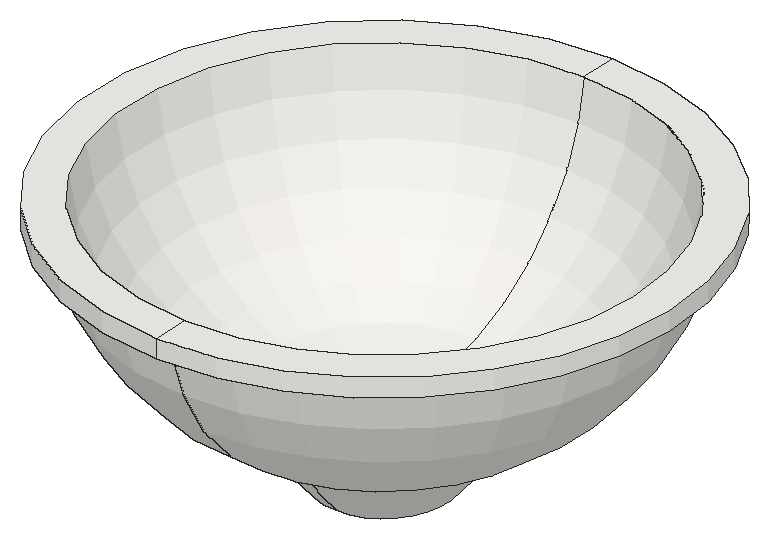
Revit family "Lav-Corian-European-Purity-7210", category Plumbing Fixtures, host Face, Revit 2015
Parameters (values of type "7210")
  Width = 400 mm
  WFU = 0
  Version = "2015 - v1.0a"  # constant formula
  URL = "http://www.corian.uk/-the-complete-residential-surfaces-solutions-"
  Sink Colors Available = "Designer White, Glacier White"
  Product Page URL = "http://www.corian.uk/-bathroom-basins-"
  Model = "Purity 7210"  # constant formula
  Manufacturer = "DuPont"  # constant formula
  Length = 400 mm
  Interior Width = 350 mm
  Interior Length = 350 mm
  Interior Depth = 130 mm
  HWFU = 0
  Finish = Solid Surface Sink - DuPont - Glacier White
  Description = "Bathroom Basin Europe Specification"  # constant formula
  Depth = 177 mm
  Default Elevation = 1219.2 mm
  Cost = 0
  CWFU = 0
Reference planes
  plane 1 "Center (Front/Back)": y = 0
  plane 2: z = 0
  plane 3 "Center (Left/Right)": x = 0
  plane 4: y = 200
  plane 5: y = -200
  plane 6: x = -200
  plane 7: x = 200
  plane 8: z = -142
  plane 9: x = -175
  plane 10: x = 175
  plane 11: y = 175
  plane 12: y = -175
  plane 13 "NAME": z = -12
  plane 14: z = -189
Forms (mm)
  Extrusion 1, void
    sketch origin (0, 0, 0) x (1, 0, 0) y (0, 1, 0)
      loop
        circle (0, 0) r 175
    from -189 to 0
  Revolve 2, solid, material "Solid Surface Sink - DuPont - Glacier White" <- "Finish"
    sketch origin (0, 0, 0) x (0, 1, 0) y (0, 0, 1)
      loop
        line (200, -12) -> (175, -12)
        arc (175, -12) -> (136.395, -97.524) -> (53.773, -142) r 146.288
        line (53.773, -142) -> (52.584, -155.586) -> (27.836, -180.335) -> (27.836, -189) -> (42.836, -189) -> (74.975, -150.698)
        arc (74.975, -150.698) -> (147.681, -102.542) -> (187.571, -24.993) r 172.631
        line (187.571, -24.993) -> (200, -24.993) -> (200, -12)
      axis (0, -12) -> (0, -189)
    angle from 0 to 360
Lines and regions (mm)
  Masking region 1, detail levels medium+fine
    outline origin (177.935, -4572, -12) x (-1, 0, 0) y (0, -1, 0)
      loop
        circle (177.935, -4572) r 45
  Masking region 2, detail levels medium+fine
    outline origin (500, 0, 0) x (1, 0, 0) y (0, 1, 0)
      loop
        circle (-500, 0) r 45
  Masking region 3, detail levels fine
    outline origin (500, 0, 0) x (1, 0, 0) y (0, 1, 0)
      loop
        circle (-500, 0) r 175
  Masking region 4, detail levels fine
    outline origin (-322.065, -4572, -12) x (-1, 0, 0) y (0, -1, 0)
      loop
        circle (-322.065, -4572) r 74.975
Dimensions and locks
  equal spacing: plane 4, plane 1 "Center (Front/Back)", plane 5
  equal spacing: plane 6, plane 3 "Center (Left/Right)", plane 7
  "Length": plane 4 to plane 5
  "Width": plane 6 to plane 7
  equal spacing: plane 9, plane 3 "Center (Left/Right)", plane 10
  equal spacing: plane 11, plane 1 "Center (Front/Back)", plane 12
  "Interior Width": plane 9 to plane 10
  "Interior Length": plane 11 to plane 12
  locked: plane 2 to plane 13 "NAME" at 12
  "Interior Depth": plane 13 "NAME" to plane 8
  "Depth": plane 13 "NAME" to plane 14
  plane 4 to Revolve 2 sketch curve to Revolve 2 sketch curve = 12.429 mm locked, 12.571 mm locked
  locked: plane 13 "NAME" to Revolve 2 sketch curve at 12.993
  Revolve 2 sketch curve to Revolve 2 sketch curve to Revolve 2 sketch curve to Revolve 2 sketch curve to Revolve 2 sketch curve to plane 1 "Center (Front/Back)" = 21.202 mm locked, 1.189 mm locked, 9.749 mm locked, 15 mm locked, 27.836 mm locked
  locked: Revolve 2 sketch curve to plane 14 at 8.665
  plane 8 to Revolve 2 sketch curve to Revolve 2 sketch curve to Revolve 2 sketch curve = 0 mm locked, 8.698 mm locked, 4.889 mm locked
  "Interior Width": diameter of Extrusion 1 sketch curve
  "Interior Width": diameter of Masking region 3 sketch curve
  aligned and locked: plane 2 to host face
  aligned and locked: level to host face
  aligned and locked: level to Extrusion 1
  aligned and locked: Extrusion 1 to plane 14
  aligned and locked: plane 3 "Center (Left/Right)" to Masking region 1 sketch curve
  aligned and locked: Revolve 2 sketch curve to plane 1 "Center (Front/Back)"
  aligned and locked: plane 13 "NAME" to Revolve 2 sketch curve
  aligned and locked: plane 14 to Revolve 2 sketch curve  (x2)
  aligned and locked: plane 3 "Center (Left/Right)" to Extrusion 1 sketch curve
  aligned and locked: plane 1 "Center (Front/Back)" to Extrusion 1 sketch curve
  aligned and locked: plane 3 "Center (Left/Right)" to Masking region 2 sketch curve
  aligned and locked: plane 1 "Center (Front/Back)" to Masking region 2 sketch curve
  aligned and locked: plane 3 "Center (Left/Right)" to Masking region 3 sketch curve
  aligned and locked: plane 1 "Center (Front/Back)" to Masking region 3 sketch curve
  aligned and locked: plane 1 "Center (Front/Back)" to Masking region 1 sketch curve
  aligned and locked: Revolve 2 sketch curve to plane 13 "NAME"
  aligned and locked: plane 4 to Revolve 2 sketch curve
  aligned and locked: plane 3 "Center (Left/Right)" to Masking region 4 sketch curve
  aligned and locked: plane 1 "Center (Front/Back)" to Masking region 4 sketch curve
Automatic sketch dimensions
  host sketch curve to host sketch curve = 2438.4 mm  (x2)
  Masking region 1 sketch curve to plane 1 "Center (Front/Back)" = 45 mm
  level to Revolve 2 sketch curve = 2.245 mm
  Revolve 2 sketch curve to Revolve 2 sketch curve = 10.315 mm
  radius of Masking region 2 sketch curve = 45 mm
  radius of Masking region 4 sketch curve = 74.975 mm
Connectors
  piping at (0, 0, -189), diameter 90
    settings: on Revolve 2, index 1, connector inside diameter 24", connector length 0 mm, flow factor 0, pipe flow 0 GPM, pressure drop 0.00 psi, fitting loss kfactor 0, connector angle 0.00°, fixture units 0, engagement length 0 mm, angle of deflection 0.00°, flow configuration 0, flow direction 2, fitting loss method 0, system type 16, joint type 0, gender type 0, connector reference index -1, connector utility 0, adjustable connector no, is connector primary yes, connector description "Drain"
